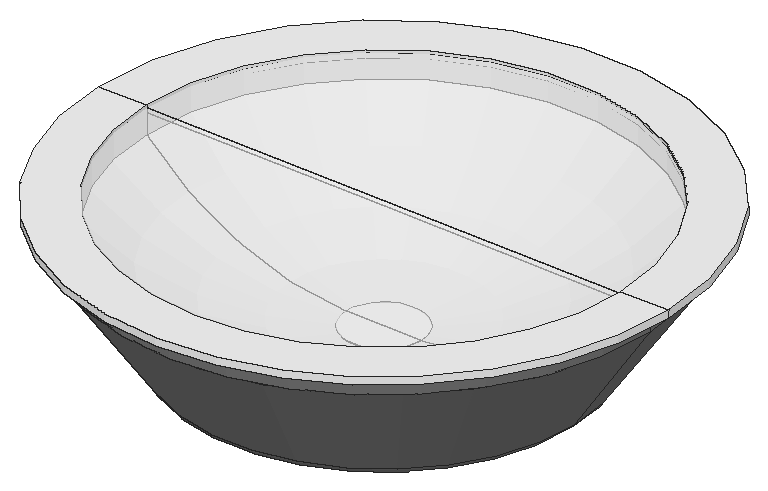
Revit family "0030388", category Lighting Fixtures, host Face, Revit 2017
Family settings
  Host = Face
  Round Connector Dimension = Use Diameter
  Part Type = Normal
  OmniClass Number = 23.80.70.00
  OmniClass Title = Lighting
  Cut with Voids When Loaded = No
  Light Source = Yes
  Shared = No
  Room Calculation Point = No
Parameters (values of type "0030388 INSAVER SLIM IP44 M 225 2093LM 830")
  WidthBezel_SYL = 20 mm
  Weight = "9.96 kg"
  Wattage Comments = ""
  Wattage = 17 W
  WarrantyStartDate [instance] = "n/a"
  WarrantyGuarantorParts = "n/a"
  WarrantyDurationUnit = "n/a"
  WarrantyDurationParts = "n/a"
  WarrantyDescription = "n/a"
  built-in parameter 1150110 = 1 (stored number, unit not read)
  Voltage = 230 V
  URL = "http://www.sylvania-lighting.com"
  TypeName = "Insaver Slim IP44 Multipower 225 2093Lm 830"
  Type Image = <None>
  Type Comments = "n/a"
  built-in parameter 1114217 = 1 (stored number, unit not read)
  Tilt Angle = -90.00°
  built-in parameter 1150109 = 1 (stored number, unit not read)
  built-in parameter 1150134 = (empty or 0)
  built-in parameter 1150113 = 1 (stored number, unit not read)
  SerialNumber [instance] = "n/a"
  RadiusTop_SYL = 6 mm
  RadiusReflector_SYL = 120 mm
  Photometric Web File = "0030388_17W.ies"
  Material_3_FEILO = Top-Sylvania-STARTDownlight
  PowerFactor = 0.9
  PowerConsumption = "17 W"
  NominalLength = 240 mm
  NominalHeight = 60 mm
  NominalDepth = 240 mm
  Name = "Insaver Slim IP44 Multipower 225 2093Lm 830"
  ModelReference = Name  # "Insaver Slim IP44 Multipower 225 2093Lm 830"
  ModelNumber = "0030388"
  Model = Name  # "Insaver Slim IP44 Multipower 225 2093Lm 830"
  Material = "aluminium housing"
  ManufacturerName = "Feilo Sylvania"
  Manufacturer = "Feilo Sylvania"
  LuminousEfficacy = "124 lm/W"
  built-in parameter 1150105 = 167.75 (stored number, unit not read)
  Lumens = 2108 lm
  LuminaireType = ""
  built-in parameter 1150115 = 1 (stored number, unit not read)
  LightOutputRatio = "n/a"
  built-in parameter 1150137 = (empty or 0)
  built-in parameter 1150139 = (empty or 0)
  LampsType = Lamp  # "LED"
  LampNominalLuminous = "2093 lm"
  LampMacAdamStep = "6"
  LampColourTemperature = "3000 K"
  LampColourRenderingIndex = "80"
  built-in parameter 1150112 = 1 (stored number, unit not read)
  built-in parameter 1150114 = 1 (stored number, unit not read)
  Lamp = "LED"
  Keynote = "16500"
  InstallationDate [instance] = "n/a"
  InputVoltage = "220-240 V AC"
  InputNominalFrequency = "50/60 Hz"
  built-in parameter 1150132 = (empty or 0)
  built-in parameter 1150102 = (empty or 0)
  built-in parameter 1150107 = 3000 (stored number, unit not read)
  built-in parameter 1150138 = (empty or 0)
  IngressProtection = "IP44/20"
  ImpactProtectionIndex = "IK07"
  built-in parameter 1150106 = 1.6775 (stored number, unit not read)
  IfcExportType = "IfcLightFixtureType"
  IfcExportAs = "IfcLightFixtureType"
  Height_SYL = 60 mm
  HeightBezel_SYL = 3 mm
  ExpectedLife = 50000
  Emit from Circle Diameter = Diameter_SYL - 40 mm  # 200 mm
  Emit Shape Visible in Rendering = no
  ElectricShockClassification = "Class II"
  built-in parameter 1150104 = 11.52 (stored number, unit not read)
  DurationUnit = "hours"
  DocumentationLiterature = "http://www.sylvania-lighting.com/product/en-int/products/0030388"
  DimmingControlOptions = "n/a"
  Material_2_FEILO = Diffuser-Sylvania-STARTDownlight
  Dimming Lamp Color Temperature Shift = <None>
  Diameter_SYL = 240 mm
  DiameterTop_SYL = 158 mm
  DiameterTopBase_SYL = DiameterRecess_SYL  # 225 mm
  DiameterRecess_SYL = 225 mm
  Description = "Ceiling recessed LED downlight. With the help of DIP Switch multiple lumen outputs can be set up in 6 steps (7.7W 1000lm, 9.2W 1200lm, 11.6W 1500lm, 13W 1650lm, 15.5W 1940m, 17W 2100lm, 32W). Die-cast aluminium body, Non dimmable LED driver ; 50000 hrs (L70); 3000K; UGR <22 with shallow recessed depth 60mm."
  Default Elevation = 1219.2 mm
  CreatedOn = "1/7/2020"
  CreatedBy = "@sylvania-lighting.com"
  Cost = 0
  Color Filter = 16777215
  built-in parameter 1114216 [instance] = (empty or 0)
  ClassificationValue = "EF_70_80"
  ClassificationName = "Uniclass2015"
  Material_1_FEILO = Trim-Sylvania-STARTDownlight-White
  BarCode [instance] = "n/a"
  built-in parameter 1114218 = 1 (stored number, unit not read)
  built-in parameter 1150133 = 10 (stored number, unit not read)
  AssetType = "Fixed"
  AssetIdentifier [instance] = "n/a"
  Assembly Code = "D5020200"
  Apparent Load = 17 VA
  Material_4_FEILO = LED-Sylvania-STARTDownlight
Types (6, lengths in mm): name | Wattage | TypeName | Photometric Web File | PowerConsumption | Name | ModelReference | Model | built-in parameter 1150105 | Lumens | LampNominalLuminous | built-in parameter 1150106 | Apparent Load
  0030388 INSAVER SLIM IP44 M 225 2093LM 830 | 17 W | "Insaver Slim IP44 Multipower 225 2093Lm 830" | "0030388_17W.ies" | "17 W" | "Insaver Slim IP44 Multipower 225 2093Lm 830" | "Insaver Slim IP44 Multipower 225 2093Lm 830" | "Insaver Slim IP44 Multipower 225 2093Lm 830" | 167.75 (stored number, unit not read) | 2108 lm | "2093 lm" | 1.6775 (stored number, unit not read) | 17 VA
  0030388 INSAVER SLIM IP44 M 225 1921LM 830 | 15.5 W | "Insaver Slim IP44 Multipower 225 1921Lm 830" | "0030388_15.5W.ies" | "15.5 W" | "Insaver Slim IP44 Multipower 225 1921Lm 830" | "Insaver Slim IP44 Multipower 225 1921Lm 830" | "Insaver Slim IP44 Multipower 225 1921Lm 830" | 152.95 (stored number, unit not read) | 1922 lm | "1921 lm" | 1.5295 (stored number, unit not read) | 15.5 VA
  0030388 INSAVER SLIM IP44 M 225 1649LM 830 | 13 W | "Insaver Slim IP44 Multipower 225 1649Lm 830" | "0030388_13W.ies" | "13 W" | "Insaver Slim IP44 Multipower 225 1649Lm 830" | "Insaver Slim IP44 Multipower 225 1649Lm 830" | "Insaver Slim IP44 Multipower 225 1649Lm 830" | 128.28 (stored number, unit not read) | 1612 lm | "1649 lm" | 1.2828 (stored number, unit not read) | 13 VA
  0030388 INSAVER SLIM IP44 M 225 1478LM 830 | 11.6 W | "Insaver Slim IP44 Multipower 225 1478Lm 830" | "0030388_11.6W.ies" | "11.6 W" | "Insaver Slim IP44 Multipower 225 1478Lm 830" | "Insaver Slim IP44 Multipower 225 1478Lm 830" | "Insaver Slim IP44 Multipower 225 1478Lm 830" | 114.46 (stored number, unit not read) | 1438.4 lm | "1478 lm" | 1.1446 (stored number, unit not read) | 11.6 VA
  0030388 INSAVER SLIM IP44 M 225 1183LM 830 | 9.2 W | "Insaver Slim IP44 Multipower 225 1183Lm 830" | "0030388_9.2W.ies" | "9.2 W" | "Insaver Slim IP44 Multipower 225 1183Lm 830" | "Insaver Slim IP44 Multipower 225 1183Lm 830" | "Insaver Slim IP44 Multipower 225 1183Lm 830" | 90.782 (stored number, unit not read) | 1140.8 lm | "1183 lm" | 0.90782 (stored number, unit not read) | 9.2 VA
  0030388 INSAVER SLIM IP44 M 225 993LM 830 | 7.7 W | "Insaver Slim IP44 Multipower 225 993Lm 830" | "0030388_7.7W.ies" | "7.7 W" | "Insaver Slim IP44 Multipower 225 993Lm 830" | "Insaver Slim IP44 Multipower 225 993Lm 830" | "Insaver Slim IP44 Multipower 225 993Lm 830" | 75.981 (stored number, unit not read) | 954.8 lm | "993 lm" | 0.75981 (stored number, unit not read) | 7.7 VA
Reference planes
  plane 1 "Center (Front/Back)": y = 0
  plane 2: z = 0
  plane 3 "Center (Left/Right)": x = 0
  plane 4: x = 120
  plane 5: x = -120
  plane 6: z = 3
  plane 7: z = -8
  plane 8: z = -57
  plane 9: x = -112.5
  plane 10: x = 112.5
  plane 11: x = -79
  plane 12: x = 79
  plane 13: z = -85
  plane 14: x = -100
  plane 15: z = 2
  plane 16: z = -45
  plane 17: x = -16
  plane 18: x = -105
  plane 19: x = -81.5
  plane 20: x = -99.5
  plane 21: x = -114
  plane 22: z = 5.5
  plane 23: z = 8.7
  plane 24: x = -113
  plane 25: z = 13.7
Forms (mm)
  Revolve 1, void
    sketch origin (0, 0, 0) x (1, 0, 0) y (0, 0, 1)
      loop
        line (0, 0) -> (-112.5, 0) -> (-112.5, -85) -> (0, -85) -> (0, 0)
      axis (0, 0) -> (0, -85)
    angle from 360 to 0
  Revolve 2, solid, material "Trim-Sylvania-STARTDownlight-White" <- "Material_1_FEILO"
    sketch origin (0, 0, 0) x (1, 0, 0) y (0, 0, 1)
      loop
        line (-100, 3) -> (-120, 3) -> (-120, 0) -> (-112.5, 0) -> (-112.5, -8) -> (-80.681, -53.768)
        arc (-80.681, -53.768) -> (-78.471, -56.129) -> (-75.357, -57) r 6
        line (-75.357, -57) -> (0, -57) -> (0, -45) -> (-16, -45)
        arc (-16, -45) -> (-61.677, -34.849) -> (-100, -8) r 120
        line (-100, -8) -> (-100, 3)
      axis (0, 3) -> (0, -57)
    angle from 360 to 0
  Revolve 3, solid, material "Diffuser-Sylvania-STARTDownlight" <- "Material_2_FEILO"
    sketch origin (0, 0, 0) x (1, 0, 0) y (0, 0, 1)
      loop
        line (-100, 0) -> (0, 0) -> (0, 2) -> (-100, 2) -> (-100, 0)
      axis (0, 2) -> (0, 0)
    angle from 360 to 0
Dimensions and locks
  equal spacing: plane 4, plane 3 "Center (Left/Right)", plane 5
  "Diameter_SYL": plane 4 to plane 5
  equal spacing: plane 10, plane 3 "Center (Left/Right)", plane 9
  equal spacing: plane 12, plane 3 "Center (Left/Right)", plane 11
  "DiameterTop_SYL": plane 12 to plane 11
  "HeightBezel_SYL": plane 6 to plane 2
  "Height_SYL": plane 6 to plane 8
  locked: plane 2 to plane 7 at 8
  locked: plane 2 to plane 13 at 85
  "WidthBezel_SYL": plane 14 to plane 5
  locked: plane 6 to plane 15 at 1
  "DiameterRecess_SYL": plane 10 to plane 9
  locked: plane 3 "Center (Left/Right)" to plane 17 at 16
  locked: plane 16 to plane 8 at 12
  locked: plane 18 to plane 21 at 9
  locked: plane 22 to plane 6 at 2.5
  locked: plane 23 to plane 22 at 3.2
  locked: plane 18 to plane 24 at 8
  locked: plane 25 to plane 23 at 5
  locked: plane 18 to plane 5 at 15
  "RadiusReflector_SYL": radius of Revolve 2 sketch curve
  "RadiusTop_SYL": radius of Revolve 2 sketch curve
  aligned and locked: plane 2 to host face
  aligned and locked: level to host face
  aligned and locked: Revolve 1 sketch curve to plane 3 "Center (Left/Right)"
  aligned and locked: plane 3 "Center (Left/Right)" to Revolve 1 sketch curve
  aligned and locked: Revolve 1 sketch curve to plane 9
  aligned and locked: plane 13 to Revolve 1 sketch curve
  aligned and locked: plane 3 "Center (Left/Right)" to imposter light
  aligned and locked: imposter light to plane 15
  aligned and locked: imposter light to plane 1 "Center (Front/Back)"
  aligned and locked: Revolve 2 sketch curve to plane 3 "Center (Left/Right)"
  aligned and locked: Revolve 2 sketch curve to plane 6
  aligned and locked: Revolve 2 sketch curve to plane 5
  aligned and locked: Revolve 2 sketch curve to level
  aligned and locked: plane 7 to Revolve 2 sketch curve  (x2)
  aligned and locked: Revolve 2 sketch curve to plane 9
  aligned and locked: plane 8 to Revolve 2 sketch curve
  aligned and locked: Revolve 2 sketch curve to plane 14
  aligned and locked: plane 3 "Center (Left/Right)" to Revolve 2 sketch curve
  aligned and locked: Revolve 2 sketch curve to plane 16
  aligned and locked: Revolve 3 sketch curve to plane 3 "Center (Left/Right)"
  aligned and locked: Revolve 3 sketch curve to level
  aligned and locked: imposter light to Revolve 3 sketch curve  (x2)
Automatic sketch dimensions
  host sketch curve to host sketch curve = 400 mm  (x2)
  plane 13 to Revolve 1 sketch curve = 524.6 mm
  Revolve 1 sketch curve to plane 6 = 2606.058 mm
  Revolve 1 sketch curve to level = 0 mm
  Revolve 2 sketch curve to plane 17 = 0 mm
  Revolve 2 sketch curve to plane 11 = 1.681 mm
  plane 11 to Revolve 2 sketch curve = 3.643 mm
  plane 13 to Revolve 2 sketch curve = 524.6 mm
  Revolve 2 sketch curve to Revolve 2 sketch curve = 2577.983 mm
  Revolve 3 sketch curve to plane 14 = 0 mm
  plane 13 to Revolve 3 sketch curve = 524.6 mm
  Revolve 3 sketch curve to plane 6 = 2606.058 mm
Connectors
  electrical at (0, 0, 0), driven by "Apparent Load", driven by "PowerFactor", driven by "Voltage"
    settings: index 1, voltage 230 V, apparent load 17 VA, apparent load phase1 0 VA, apparent load phase2 0 VA, apparent load phase3 0 VA, power factor 0.9, load classification "Lighting", number of poles 1, system type 30, power factor state 1, is connector primary yes, connector utility no, sub classification motor no, connector description ""
